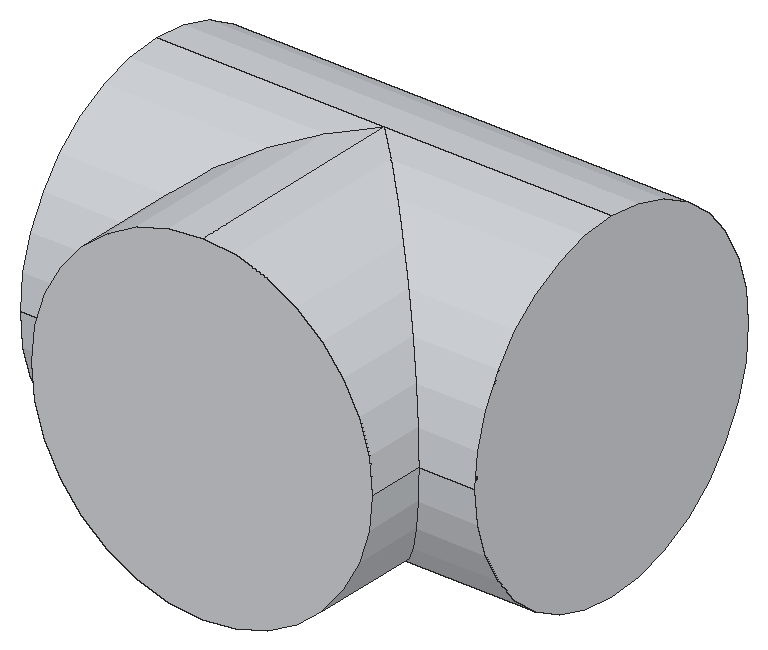
Revit family "M_T redondo - Reto", category Conexões de duto, Revit 2019
Family settings
  Cota do conector redondo = Usar raio
  Tipo de parte = Tê
  Número OmniClass = 23.75.70.14
  Título OmniClass = Air Ductwork
  ID de item do Seek = Round Tee - Straight-0000-CAN-ENU
  Com base no plano de trabalho = Não
  Sempre na vertical = Sim
  Corte com vazios quando carregada = Não
  Compartilhado = Não
Parameters (values of type "Padrão")
  Raio do duto [instance] = 150 mm
  Comprimento do duto [instance] = Raio do duto + Anteparo  # 200 mm
  Diâmetro do duto [instance] = 2 * Raio do duto  # 300 mm
  Anteparo [instance] = 50 mm
Reference planes
  plane 1 "Centro (Frente/Trás)": y = 0
  plane 2: z = 0
  plane 3 "Centro (Esquerda/Direita)": x = 0
  plane 4: x = -200
  plane 5: x = 200
  plane 6: y = -200
Forms (mm)
  Sweep 1, solid, detail levels medium+fine
    path in 3D
      loop
        line (-200, 0, 0) -> (200, 0, 0)
    profile "M_Duto - Redondo : Duto - Redondo" origin (0, 0, 0) x (0, 1, 0) y (0, 0, 1)
      loop
        arc (-150, 0) -> (-106.066, -106.066) -> (0, -150) r 150
        arc (0, -150) -> (106.066, -106.066) -> (150, 0) r 150
        arc (150, 0) -> (106.066, 106.066) -> (0, 150) r 150
        arc (0, 150) -> (-106.066, 106.066) -> (-150, 0) r 150
  Sweep 2, solid, detail levels medium+fine
    path in 3D
      loop
        line (0, -200, 0) -> (0, 0, 0)
    profile "M_Duto - Redondo : Duto - Redondo" origin (0, -100, 0) x (-1, 0, 0) y (0, 0, 1)
      loop
        arc (-150, 0) -> (-106.066, -106.066) -> (0, -150) r 150
        arc (0, -150) -> (106.066, -106.066) -> (150, 0) r 150
        arc (150, 0) -> (106.066, 106.066) -> (0, 150) r 150
        arc (0, 150) -> (-106.066, 106.066) -> (-150, 0) r 150
Cuts and joins
  joined: Sweep 1, Sweep 2
Lines and regions (mm)
  reference lines
    curve 1: line (-200, 0, 0) -> (200, 0, 0)
    curve 2: line (0, -200, 0) -> (0, 0, 0)
  sketch lines
    curve 3: line (-200, 0, 0) -> (200, 0, 0)
    curve 4: line (0, -200, 0) -> (0, 0, 0)
  model lines, style "DuctFitting", detail levels coarse
    curve 5: line (-200, 0, 0) -> (200, 0, 0)
    curve 6: line (0, -200, 0) -> (0, 0, 0)
Dimensions and locks
  "Comprimento do duto": plane 6 to plane 1 "Centro (Frente/Trás)"
  "Comprimento do duto": plane 4 to plane 3 "Centro (Esquerda/Direita)"
  "Comprimento do duto": plane 3 "Centro (Esquerda/Direita)" to plane 5
  aligned and locked: plane 4 to curve 1
  aligned and locked: plane 5 to curve 1
  aligned and locked: plane 1 "Centro (Frente/Trás)" to curve 1
  aligned and locked: plane 1 "Centro (Frente/Trás)" to curve 2
  aligned and locked: plane 6 to curve 2
  aligned and locked: curve 2 to plane 3 "Centro (Esquerda/Direita)"
  aligned and locked: curve 6 to curve 2
  aligned and locked: plane 6 to curve 6
  aligned and locked: plane 1 "Centro (Frente/Trás)" to curve 5
  aligned and locked: plane 4 to curve 5
  aligned and locked: plane 5 to curve 5
Connectors
  hvac at (-200, 0, 0), driven by "Raio do duto"
    settings: on cut or joined group of Sweep 1, Sweep 2, index 1, duct flow 0.0 L/s, flow factor 0, pres drop 0.0 Pa, loss coef 0, conn angle 0.00°, conn width 304.8 mm, conn height 304.8 mm, conn diameter 300 mm, duct sys type 28, conn prof type 0, flow config 0, flow direction 0, loss method 0, conn ref index 2, conn util no, is conn primary yes, conn desc ""
  hvac at (200, 0, 0), driven by "Raio do duto"
    settings: on cut or joined group of Sweep 1, Sweep 2, index 2, duct flow 0.0 L/s, flow factor 0, pres drop 0.0 Pa, loss coef 0, conn angle 0.00°, conn width 304.8 mm, conn height 304.8 mm, conn diameter 300 mm, duct sys type 28, conn prof type 0, flow config 0, flow direction 0, loss method 0, conn ref index 1, conn util no, is conn primary no, conn desc ""
  hvac at (0, -200, 0), driven by "Raio do duto"
    settings: on cut or joined group of Sweep 1, Sweep 2, index 3, duct flow 0.0 L/s, flow factor 0, pres drop 0.0 Pa, loss coef 0, conn angle 0.00°, conn width 304.8 mm, conn height 304.8 mm, conn diameter 300 mm, duct sys type 28, conn prof type 0, flow config 0, flow direction 0, loss method 0, conn ref index -1, conn util no, is conn primary no, conn desc ""
